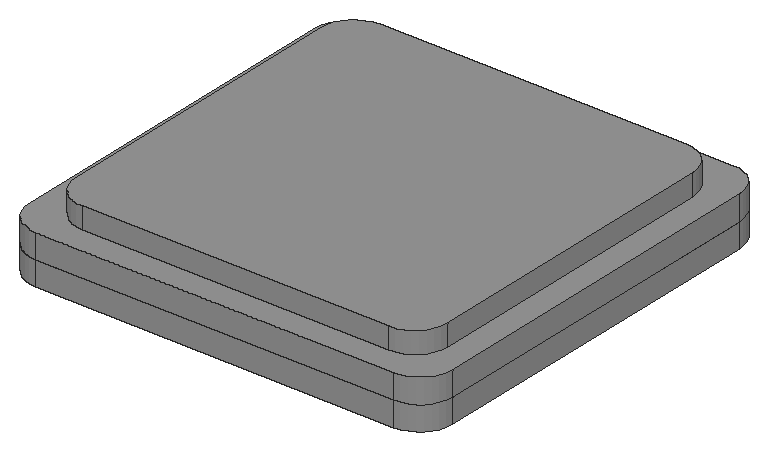
Revit family "FMS2_63_UN_Surface-mounted_ETK", category Lighting Fixtures, Revit 2019 (continued)
Definition of nested family "FMS.2 - Lightsource"
  Types (14, lengths in mm): name | Wattage Comments | Wattage | built-in parameter 1150134 | Photometric Web File | built-in parameter 1150142 | built-in parameter 1150105 | Lumens | built-in parameter 1150107 | built-in parameter 1150106 | Apparent Load
      154\r\n786.4776\t781.0398\t775.602\t770.1642\t764.7264\t759.2886\t753.8508\t748.6992\t743.2614\t737.8236\r\n732.3858\t726.0894\t719.793\t713.2104\t706.914\t700.3314\t693.7488\t687.4524\t680.8698\t674.5734\r\n667.9908\t661.6944\t655.1118\t648.5292\t642.2328\t635.6502\t629.0676\t622.7712\t616.1886\t609.8922\r\n603.3096\t596.1546\t588.9996\t581.5584\t574.4034\t566.9622\t559.8072\t552.366\t545.211\t537.7698\r\n530.6148\t523.1736\t516.0186\t508.8636\t501.4224\t494.2674\t486.8262\t479.6712\t472.23\t465.075\r\n457.92\t450.1926\t442.4652\t434.7378\t427.0104\t419.283\t411.5556\t403.8282\t396.1008\t388.3734\r\n380.646\t372.9186\t365.1912\t357.4638\t349.7364\t341.7228\t333.9954\t326.268\t318.5406\t310.8132\r\n303.0858\t295.6446\t288.2034\t280.7622\t273.321\t265.8798\t258.41\t250.9688\t243.5276\t236.0864\r\n228.6452\t221.1754\t213.7342\t206.293\t198.8518\t191.4106\t183.9694\t176.5282\t169.0583\t161.6171\r\n154.1759\t139.3508\t123.9532\t108.527\t93.1009\t77.6747\t62.2485\t46.8509\t31.4248\t16.0043\r\n0.5838\t0\t0\t0\t0\t0\t0\t0\t0\t0\r\n0\r\n985.1004\t984.2418\t983.3832\t982.5246\t981.9522\t981.0936\t980.235\t979.3764\t978.5178\t977.6592\r\n977.0868\t976.2282\t975.3696\t974.7972\t973.9386\t973.3662\t972.5076\t971.649\t971.0766\t970.218\r\n969.6456\t967.6422\t965.3526\t962.7768\t960.4872\t957.9114\t955.6218\t953.046\t950.7564\t948.1806\r\n945.891\t943.3152\t940.7394\t938.4498\t935.874\t933.5844\t931.0086\t928.4328\t926.1432\t923.5674\r\n920.9916\t917.8434\t913.8366\t909.8298\t905.5368\t901.53\t897.5232\t893.5164\t889.2234\t884.9304\r\n880.9236\t876.6306\t872.3376\t868.3308\t864.0378\t859.7448\t855.738\t851.445\t847.4382\t843.1452\r\n838.8522\t834.5592\t829.1214\t823.6836\t818.2458\t812.808\t807.3702\t801.9324\t796.4946\t791.343\r\n785.9052\t780.4674\t775.0296\t769.878\t764.4402\t759.0024\t753.5646\t748.1268\t742.689\t737.2512\r\n731.8134\t726.3756\t719.793\t713.2104\t706.6278\t700.0452\t693.4626\t686.88\t680.5836\t674.001\r\n667.4184\t660.8358\t654.2532\t647.6706\t641.3742\t634.7916\t628.209\t621.6264\t615.33\t608.7474\r\n602.1648\t595.5822\t588.4272\t580.986\t573.831\t566.676\t559.2348\t552.0798\t544.6386\t537.4836\r\n530.0424\t522.8874\t515.7324\t508.2912\t501.1362\t493.695\t486.54\t479.0988\t471.9438\t464.7888\r\n457.3476\t449.9064\t442.179\t434.4516\t426.7242\t418.9968\t411.2694\t403.542\t395.8146\t388.0872\r\n380.0736\t372.3462\t364.6188\t356.8914\t349.164\t341.4366\t333.7092\t325.9818\t318.2544\t310.2408\r\n302.5134\t295.0722\t287.631\t280.1326\t272.6914\t265.2502\t257.809\t250.3678\t242.9552\t235.514\r\n228.0728\t220.6602\t213.219\t205.7778\t198.3652\t190.924\t183.5114\t176.0702\t168.6577\t161.2165\r\n153.8039\t140.7818\t125.4128\t110.0153\t94.6177\t79.2488\t63.8512\t48.4823\t33.0847\t17.7101\r\n2.3257\t0\t0\t0\t0\t0\t0\t0\t0\t0\r\n0\r\n985.1004\t984.2418\t983.3832\t982.5246\t981.666\t980.8074\t979.9488\t979.0902\t978.2316\t977.6592\r\n976.8006\t976.2282\t975.3696\t974.7972\t973.9386\t973.3662\t972.5076\t971.649\t971.0766\t970.218\r\n969.3594\t968.2146\t965.6388\t963.3492\t960.7734\t958.1976\t955.6218\t953.3322\t950.7564\t948.1806\r\n945.6048\t943.3152\t940.7394\t938.1636\t935.5878\t933.012\t930.15\t927.5742\t924.9984\t922.4226\r\n919.8468\t917.271\t913.8366\t909.5436\t905.5368\t901.2438\t896.9508\t892.944\t888.651\t884.6442\r\n880.3512\t876.0582\t872.0514\t867.7584\t863.7516\t859.4586\t855.4518\t851.1588\t846.8658\t842.5728\r\n838.566\t834.273\t829.6938\t824.256\t818.532\t813.0942\t807.6564\t802.2186\t796.7808\t791.0568\r\n785.619\t780.1812\t774.7434\t769.3056\t763.8678\t758.1438\t752.706\t747.2682\t741.5442\t736.1064\r\n730.6686\t725.2308\t719.793\t713.2104\t706.6278\t700.0452\t693.4626\t686.88\t680.2974\t673.7148\r\n667.1322\t660.5496\t653.967\t647.3844\t640.8018\t634.2192\t627.6366\t621.3402\t614.7576\t608.175\r\n601.5924\t595.0098\t588.4272\t580.986\t573.5448\t566.3898\t558.9486\t551.5074\t544.3524\t536.9112\r\n529.47\t522.0288\t514.8738\t507.4326\t499.9914\t492.8364\t485.3952\t477.954\t470.799\t463.3578\r\n456.2028\t448.7616\t441.3204\t433.593\t425.8656\t417.852\t410.1246\t402.3972\t394.6698\t386.9424\r\n379.215\t371.4876\t363.7602\t356.0328\t348.3054\t340.578\t332.8506\t325.1232\t317.3958\t309.6684\r\n301.941\t294.2136\t286.7724\t279.3884\t271.9759\t264.5633\t257.1507\t249.7381\t242.3255\t234.913\r\n227.5004\t220.0878\t212.7038\t205.2913\t197.9073\t190.4947\t183.1108\t175.6982\t168.3142\t160.9303\r\n153.5177\t143.5007\t128.1317\t112.7628\t97.3939\t82.0249\t66.656\t51.287\t35.9467\t20.5721\r\n5.2088\t0\t0\t0\t0\t0\t0\t0\t0\t0\r\n0\r\n985.1004\t984.2418\t983.3832\t982.5246\t981.666\t980.8074\t979.9488\t979.0902\t978.5178\t977.6592\r\n977.0868\t976.2282\t975.3696\t974.7972\t973.9386\t973.08\t972.2214\t971.3628\t970.7904\t969.9318\r\n968.787\t967.9284\t965.925\t963.3492\t960.7734\t958.1976\t955.6218\t952.7598\t950.184\t947.6082\r\n945.0324\t942.4566\t939.8808\t937.305\t934.7292\t932.1534\t929.5776\t927.0018\t924.426\t921.564\r\n918.9882\t916.4124\t913.5504\t909.8298\t905.5368\t901.53\t897.237\t892.944\t888.651\t884.6442\r\n880.3512\t876.0582\t872.0514\t867.7584\t863.7516\t859.1724\t854.8794\t850.5864\t846.0072\t841.7142\r\n837.4212\t832.842\t828.549\t824.256\t818.8182\t813.3804\t807.9426\t802.2186\t796.7808\t791.0568\r\n785.619\t779.895\t774.4572\t768.7332\t763.2954\t757.5714\t751.8474\t746.4096\t740.6856\t734.9616\r\n729.2376\t723.5136\t718.0758\t712.3518\t706.3416\t699.759\t693.1764\t686.5938\t680.0112\t673.4286\r\n666.846\t660.2634\t653.3946\t646.812\t640.2294\t633.6468\t627.0642\t620.4816\t613.6128\t607.0302\r\n600.4476\t593.865\t586.9962\t580.4136\t573.2586\t565.8174\t558.3762\t551.2212\t543.78\t536.3388\r\n528.8976\t521.7426\t514.3014\t506.8602\t499.419\t492.264\t484.8228\t477.3816\t470.2266\t462.7854\r\n455.3442\t448.1892\t440.748\t433.3068\t425.5794\t417.852\t410.1246\t402.111\t394.3836\t386.6562\r\n378.9288\t370.9152\t363.1878\t355.4604\t347.733\t339.7194\t331.992\t324.2646\t316.5372\t308.8098\r\n301.0824\t293.355\t285.7135\t278.2436\t270.8883\t263.5043\t256.1204\t248.7364\t241.3525\t233.9971\r\n226.6132\t219.2578\t211.9025\t204.5471\t197.1918\t189.8651\t182.5097\t175.183\t167.8563\t160.5296\r\n153.2029\t145.8761\t131.9954\t116.6551\t101.2862\t85.9459\t70.6055\t55.2366\t39.8963\t24.556\r\n9.2128\t0\t0\t0\t0\t0\t0\t0\t0\t0\r\n0\r\n985.1004\t984.2418\t983.3832\t982.5246\t981.3798\t980.5212\t979.9488\t979.0902\t978.5178\t977.6592\r\n977.0868\t976.2282\t975.3696\t974.511\t973.6524\t972.7938\t971.9352\t971.0766\t970.218\t969.0732\r\n967.9284\t967.0698\t965.925\t963.3492\t960.4872\t957.9114\t955.3356\t952.7598\t950.184\t947.6082\r\n945.0324\t942.1704\t939.5946\t937.0188\t934.443\t931.581\t929.0052\t926.1432\t923.5674\t920.7054\r\n918.1296\t915.5538\t912.6918\t910.116\t906.9678\t902.3886\t897.8094\t893.2302\t888.9372\t884.358\r\n880.065\t875.4858\t871.1928\t866.8998\t862.6068\t858.0276\t853.7346\t849.4416\t845.1486\t840.8556\r\n836.2764\t831.9834\t827.4042\t823.1112\t818.532\t813.9528\t808.2288\t802.5048\t796.4946\t790.7706\r\n785.0466\t779.3226\t773.8848\t768.1608\t762.4368\t756.7128\t750.9888\t745.2648\t739.5408\t733.8168\r\n728.0928\t722.3688\t716.6448\t710.9208\t705.1968\t699.4728\t693.4626\t686.5938\t680.0112\t673.1424\r\n666.2736\t659.691\t652.8222\t646.2396\t639.3708\t632.502\t625.9194\t619.0506\t612.468\t605.5992\r\n599.0166\t592.1478\t585.279\t578.6964\t571.8276\t564.9588\t558.09\t550.6488\t542.9214\t535.4802\r\n528.039\t520.5978\t513.1566\t505.7154\t498.2742\t490.833\t483.3918\t475.9506\t468.5094\t461.0682\r\n453.627\t446.472\t439.0308\t431.5896\t424.1484\t416.7072\t408.9798\t401.2524\t393.2388\t385.5114\r\n377.784\t370.0566\t362.3292\t354.3156\t346.5882\t338.8608\t331.1334\t323.1198\t315.3924\t307.665\r\n299.9376\t292.2102\t284.4256\t276.6982\t269.1711\t261.8158\t254.489\t247.1623\t239.8356\t232.5375\r\n225.2108\t217.9127\t210.6432\t203.3451\t196.0756\t188.8061\t181.5367\t174.2672\t166.9977\t159.7568\r\n152.516\t145.2751\t136.7464\t121.4347\t106.123\t90.8113\t75.4996\t60.1879\t44.8762\t29.5931\r\n14.2785\t0\t0\t0\t0\t0\t0\t0\t0\t0\r\n0\r\n985.1004\t984.2418\t983.3832\t982.2384\t981.3798\t980.8074\t979.9488\t979.3764\t978.5178\t977.6592\r\n976.8006\t975.942\t975.0834\t974.2248\t973.3662\t972.5076\t971.649\t970.5042\t969.3594\t968.2146\r\n967.0698\t965.925\t964.494\t963.3492\t960.7734\t958.1976\t955.6218\t953.046\t950.4702\t947.8944\r\n945.3186\t942.4566\t939.8808\t937.0188\t934.443\t931.581\t928.719\t925.857\t922.7088\t919.8468\r\n916.6986\t913.5504\t910.4022\t907.5402\t904.392\t901.53\t897.8094\t893.5164\t889.2234\t884.9304\r\n880.3512\t875.772\t871.479\t866.8998\t862.3206\t858.0276\t853.4484\t848.8692\t844.29\t839.7108\r\n835.1316\t830.2662\t825.687\t821.1078\t816.5286\t811.9494\t807.3702\t802.791\t797.067\t791.0568\r\n785.0466\t779.0364\t773.3124\t767.5884\t762.1506\t756.4266\t750.7026\t744.6924\t738.9684\t732.9582\r\n726.948\t721.224\t715.2138\t709.2036\t703.4796\t697.4694\t691.4592\t685.7352\t679.725\t673.1424\r\n666.2736\t659.4048\t652.536\t645.6672\t638.7984\t631.9296\t625.0608\t618.192\t611.3232\t604.4544\r\n597.5856\t590.7168\t583.848\t576.9792\t570.1104\t563.5278\t556.659\t549.7902\t543.2076\t535.4802\r\n528.039\t520.3116\t512.5842\t505.143\t497.7018\t489.9744\t482.5332\t475.092\t467.3646\t459.9234\r\n452.4822\t444.7548\t437.3136\t429.8724\t422.4312\t414.99\t407.5488\t399.8214\t392.094\t384.3666\r\n376.6392\t368.6256\t360.8982\t353.1708\t345.1572\t337.4298\t329.7024\t321.975\t314.2476\t306.5202\r\n298.7928\t291.0654\t283.1949\t275.4675\t267.7401\t260.0413\t252.7432\t245.4737\t238.2043\t230.9634\r\n223.6939\t216.4817\t209.2408\t202.0286\t194.8163\t187.6327\t180.4491\t173.2655\t166.0819\t158.9269\r\n151.7432\t144.5882\t137.4332\t127.3304\t112.0473\t96.7642\t81.4811\t66.1981\t50.915\t35.6605\r\n20.3803\t5.1058\t0\t0\t0\t0\t0\t0\t0\t0\r\n0\r\n985.1004\t984.2418\t983.097\t982.2384\t981.3798\t980.8074\t980.235\t979.3764\t978.5178\t977.6592\r\n976.8006\t975.942\t975.0834\t974.2248\t973.3662\t972.2214\t971.0766\t969.9318\t968.5008\t967.356\r\n966.2112\t964.7802\t963.6354\t962.4906\t961.3458\t959.3424\t956.4804\t953.9046\t951.3288\t948.4668\r\n945.6048\t943.029\t939.8808\t937.0188\t933.8706\t930.7224\t927.5742\t924.426\t921.564\t918.4158\r\n915.2676\t912.4056\t909.2574\t906.1092\t902.961\t899.8128\t896.6646\t893.8026\t890.6544\t886.0752\r\n881.496\t876.9168\t872.3376\t867.7584\t863.1792\t858.3138\t853.7346\t848.8692\t844.0038\t839.1384\r\n833.9868\t829.1214\t824.256\t819.6768\t815.0976\t810.5184\t805.653\t800.7876\t795.636\t790.7706\r\n785.619\t779.895\t773.8848\t767.8746\t761.8644\t755.8542\t749.844\t743.8338\t737.8236\t731.8134\r\n725.8032\t719.793\t713.7828\t707.4864\t701.4762\t695.1798\t689.1696\t683.1594\t677.4354\t671.4252\r\n665.415\t659.4048\t652.8222\t645.6672\t638.5122\t631.6434\t624.4884\t617.6196\t610.7508\t603.5958\r\n596.727\t589.8582\t582.7032\t575.8344\t568.9656\t561.8106\t554.9418\t547.7868\t540.918\t533.763\r\n526.8942\t519.7392\t512.0118\t504.5706\t496.8432\t489.1158\t481.6746\t473.9472\t466.2198\t458.7786\r\n451.0512\t443.61\t436.1688\t428.4414\t421.0002\t413.2728\t405.8316\t398.3904\t390.663\t383.2218\r\n375.4944\t367.767\t359.7534\t352.026\t344.0124\t336.285\t328.5576\t320.544\t312.8166\t305.0892\r\n297.3618\t289.6344\t281.9356\t274.2368\t266.5381\t258.8393\t251.1691\t243.6134\t236.4012\t229.2176\r\n222.034\t214.879\t207.724\t200.5976\t193.4712\t186.3448\t179.2471\t172.1493\t165.0515\t157.9824\r\n150.9133\t143.8441\t136.8036\t129.7631\t119.1164\t103.862\t88.5789\t73.2958\t58.0414\t42.7583\r\n27.501\t12.2379\t0\t0\t0\t0\t0\t0\t0\t0\r\n0\r\n985.1004\t984.2418\t983.097\t982.2384\t981.666\t981.0936\t980.235\t979.3764\t978.5178\t977.6592\r\n976.8006\t975.942\t975.0834\t974.2248\t972.7938\t971.649\t970.5042\t969.0732\t967.9284\t966.7836\r\n965.6388\t964.494\t963.063\t961.9182\t960.4872\t959.3424\t957.6252\t954.7632\t951.9012\t949.0392\r\n945.6048\t942.4566\t939.5946\t936.4464\t933.2982\t930.4362\t927.288\t924.1398\t920.9916\t917.8434\r\n914.6952\t911.547\t908.3988\t905.2506\t902.1024\t898.9542\t895.806\t892.6578\t889.2234\t885.789\r\n882.0684\t878.3478\t873.1962\t868.3308\t863.1792\t858.6\t853.7346\t848.8692\t844.0038\t839.1384\r\n834.273\t829.1214\t823.9698\t818.8182\t813.9528\t808.8012\t803.6496\t798.498\t793.3464\t788.481\r\n783.3294\t778.464\t773.0262\t767.5884\t762.1506\t755.8542\t749.5578\t743.5476\t737.2512\t731.241\r\n725.2308\t718.9344\t712.9242\t706.6278\t700.3314\t694.035\t688.0248\t681.7284\t675.7182\t669.4218\r\n663.4116\t657.1152\t650.8188\t644.5224\t638.226\t632.2158\t625.0608\t617.9058\t610.7508\t603.5958\r\n596.4408\t588.9996\t581.8446\t574.6896\t567.5346\t560.3796\t553.2246\t546.0696\t538.9146\t531.7596\r\n524.6046\t517.7358\t510.2946\t503.1396\t495.9846\t488.2572\t480.5298\t472.8024\t465.3612\t457.6338\r\n449.9064\t442.4652\t434.7378\t427.0104\t419.5692\t411.8418\t404.4006\t396.6732\t388.9458\t381.5046\r\n373.7772\t366.0498\t358.6086\t350.8812\t342.8676\t335.1402\t327.1266\t319.3992\t311.6718\t303.9444\r\n296.217\t288.4896\t280.6477\t272.9489\t265.2502\t257.5514\t249.9098\t242.2397\t234.6268\t227.0997\r\n219.9733\t212.8756\t205.8064\t198.7659\t191.7254\t184.7135\t177.7016\t170.7183\t163.735\t156.7804\r\n149.8257\t142.871\t135.945\t129.019\t122.1215\t111.9901\t96.707\t81.4239\t66.1408\t50.8577\r\n35.6033\t20.3288\t5.0629\t0\t0\t0\t0\t0\t0\t0\r\n0\r\n985.1004\t984.2418\t983.3832\t982.2384\t981.666\t981.0936\t980.235\t979.3764\t978.5178\t977.6592\r\n977.0868\t976.2282\t975.0834\t973.9386\t972.5076\t971.3628\t969.9318\t968.787\t967.6422\t966.4974\r\n965.3526\t963.9216\t962.4906\t961.0596\t959.3424\t957.9114\t956.1942\t954.1908\t952.1874\t949.0392\r\n946.1772\t943.029\t939.8808\t936.7326\t933.5844\t930.4362\t927.5742\t924.426\t921.2778\t917.8434\r\n914.6952\t911.547\t908.1126\t904.9644\t901.53\t897.8094\t894.375\t890.3682\t886.6476\t882.927\r\n879.4926\t875.772\t872.0514\t868.3308\t864.6102\t860.031\t854.8794\t849.7278\t844.5762\t839.4246\r\n834.273\t829.1214\t823.9698\t819.1044\t813.9528\t808.515\t802.791\t797.067\t791.9154\t786.4776\r\n781.326\t775.8882\t770.7366\t765.2988\t759.861\t754.4232\t749.2716\t743.5476\t738.1098\t732.0996\r\n725.8032\t719.5068\t712.9242\t706.6278\t700.3314\t693.7488\t687.4524\t681.156\t674.5734\t667.9908\r\n661.6944\t655.1118\t648.5292\t642.2328\t635.6502\t629.3538\t623.0574\t616.4748\t609.8922\t603.5958\r\n596.727\t589.2858\t581.8446\t574.4034\t567.2484\t559.8072\t552.6522\t545.211\t537.7698\t530.3286\r\n522.8874\t515.7324\t508.2912\t500.85\t493.695\t486.54\t479.385\t472.23\t465.075\t457.6338\r\n449.6202\t441.8928\t433.8792\t425.8656\t418.1382\t410.1246\t402.3972\t394.6698\t387.2286\t379.5012\r\n371.7738\t364.0464\t356.319\t348.5916\t340.8642\t333.423\t325.6956\t317.682\t309.9546\t302.2272\r\n294.4998\t286.7724\t278.9878\t271.2604\t263.5616\t255.8914\t248.2499\t240.6083\t233.024\t225.4397\r\n217.8841\t210.357\t203.2879\t196.3332\t189.4072\t182.4811\t175.5837\t168.7149\t161.8747\t155.0632\r\n148.2516\t141.4687\t134.6857\t127.9314\t121.1771\t114.4514\t105.894\t90.5823\t75.2706\t59.9589\r\n44.6758\t29.3641\t14.0696\t0\t0\t0\t0\t0\t0\t0\r\n0\r\n985.1004\t984.2418\t983.3832\t982.5246\t981.9522\t981.3798\t980.5212\t979.6626\t978.804\t977.9454\r\n977.0868\t976.2282\t975.0834\t973.6524\t972.5076\t971.0766\t969.9318\t968.787\t967.6422\t966.2112\r\n964.7802\t963.3492\t961.632\t959.9148\t958.1976\t956.4804\t954.477\t952.4736\t950.4702\t948.4668\r\n946.4634\t943.8876\t940.7394\t937.8774\t935.0154\t931.581\t928.4328\t924.9984\t921.8502\t918.4158\r\n915.2676\t911.547\t908.1126\t904.392\t900.3852\t896.6646\t892.944\t889.2234\t885.5028\t881.496\r\n877.7754\t873.7686\t869.7618\t865.755\t861.7482\t857.4552\t853.4484\t849.7278\t845.721\t841.7142\r\n835.9902\t830.2662\t824.8284\t819.3906\t814.239\t808.8012\t803.0772\t797.6394\t792.2016\t786.7638\r\n781.326\t775.3158\t769.5918\t763.8678\t758.43\t752.706\t747.2682\t741.5442\t736.1064\t730.3824\r\n724.6584\t718.6482\t712.9242\t707.2002\t701.4762\t694.6074\t688.0248\t681.4422\t674.5734\t667.9908\r\n661.122\t654.2532\t647.3844\t640.5156\t633.6468\t627.3504\t620.7678\t614.1852\t607.3164\t600.4476\r\n593.5788\t586.9962\t580.4136\t573.5448\t566.9622\t560.3796\t552.6522\t544.9248\t537.4836\t530.0424\r\n522.315\t514.8738\t507.1464\t499.7052\t492.264\t484.8228\t477.3816\t469.9404\t462.213\t454.7718\r\n447.3306\t440.1756\t432.7344\t425.2932\t417.5658\t409.5522\t401.5386\t393.525\t385.5114\t377.784\r\n370.0566\t362.043\t354.3156\t346.5882\t338.8608\t331.4196\t323.6922\t315.9648\t308.5236\t300.7962\r\n293.0688\t285.3414\t277.5854\t269.8294\t262.102\t254.4318\t246.7616\t239.1487\t231.5644\t224.0087\r\n216.5103\t209.0405\t201.5993\t194.1581\t186.9458\t180.1343\t173.3513\t166.6256\t159.8999\t153.2029\r\n146.5344\t139.8659\t133.1975\t126.5576\t119.9178\t113.3352\t106.724\t100.1414\t85.3448\t69.9759\r\n54.6356\t39.2953\t23.9464\t8.6203\t0\t0\t0\t0\t0\t0\r\n0\r\n985.1004\t984.2418\t983.3832\t982.5246\t981.9522\t981.3798\t980.5212\t979.6626\t978.804\t978.2316\r\n977.373\t976.2282\t975.0834\t973.6524\t972.2214\t971.0766\t969.9318\t969.0732\t967.356\t965.925\r\n964.494\t962.4906\t960.7734\t959.0562\t957.339\t955.3356\t953.3322\t951.3288\t949.0392\t946.7496\r\n944.7462\t942.7428\t940.7394\t938.4498\t936.1602\t933.012\t929.5776\t926.4294\t922.995\t919.2744\r\n915.5538\t911.8332\t908.1126\t904.392\t900.6714\t896.6646\t892.6578\t888.651\t884.6442\t880.6374\r\n876.3444\t872.3376\t868.3308\t864.324\t860.3172\t855.738\t851.1588\t846.5796\t842.5728\t838.2798\r\n833.7006\t829.1214\t824.5422\t819.963\t815.67\t810.8046\t804.7944\t798.7842\t793.0602\t787.6224\r\n781.8984\t776.1744\t770.4504\t764.4402\t758.43\t752.4198\t746.4096\t740.3994\t734.6754\t728.6652\r\n722.655\t716.931\t710.6346\t704.6244\t698.328\t692.0316\t685.7352\t679.725\t674.001\t667.9908\r\n661.6944\t654.8256\t647.6706\t641.088\t634.2192\t627.3504\t620.1954\t613.0404\t606.1716\t599.0166\r\n592.1478\t584.9928\t577.8378\t570.969\t564.1002\t557.2314\t550.3626\t543.4938\t536.3388\t529.47\r\n522.315\t515.16\t507.7188\t499.7052\t491.9778\t484.2504\t476.523\t468.7956\t461.0682\t453.3408\r\n445.6134\t437.886\t430.4448\t422.7174\t414.99\t407.5488\t399.8214\t392.3802\t384.939\t377.2116\r\n369.198\t361.
